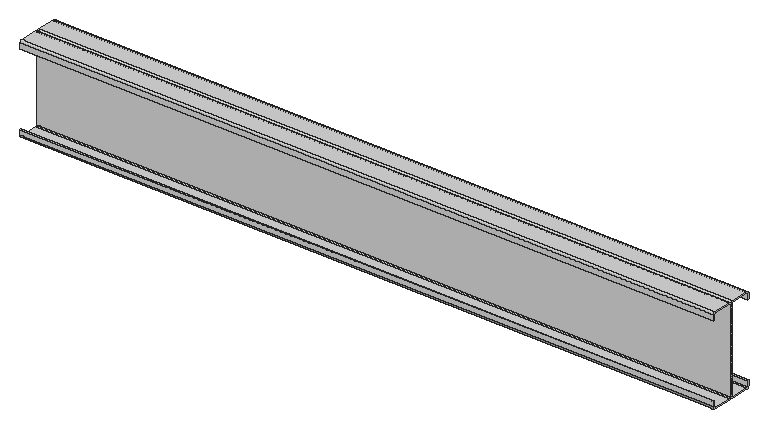
Revit family "051200 - Structural Steel Framing - Light Gauge - Joists - back to back", category Structural Framing, Revit 2020
Family settings
  Structural Framing Length Roundoff = 0' - 0"
  Section Shape = Not Defined
  Material for Model Behavior = Steel
  Always export as geometry = No
  OmniClass Number = 23.25.30.11.14.14
  OmniClass Title = Beams
  Always vertical = Yes
  Cut with Voids When Loaded = No
  Symbolic Representation = From Project Settings
  Shared = No
  Show family pre-cut in plan views = Yes
Parameters (values of type "6"x1.5"")
  t1 = if((t / 0.95 * 0' 1" / 1000) < 0' 0 1/32", 0' 0 1/32", (t / 0.95 * 0' 1" / 1000))  # 0' - 0.05684"
  t = 54
  d = 0' - 0 1/2"
  W = 0
  Structural Material [instance] = Metal - Light Gauge
  B = 0' - 1 1/2"
  Assembly Code = "B10"
  Length [instance] = 5' - 0"
  D = 0' - 6"
  A = 0.00 in²
Types (2): name | B | D
  7"x1.75" | 0' - 1 3/4" | 0' - 7"
  6"x1.5" | 0' - 1 1/2" | 0' - 6"
Reference planes (in)
  plane 1 "Center (Front/Back)": y = 0
  plane 2: z = 0
  plane 3 "Center (Left/Right)": x = 0.0003
  plane 4 "Member Left": x = -23.8185
  plane 5 "Member Right": x = 24.1815
  plane 6 "Top": z = 3
  plane 7: z = -3
  plane 8 "Left": x = -29.8185
  plane 9 "Right": x = 30.1815
  plane 10: y = -1.5
  plane 11: z = -2.5
  plane 12: z = 2.5
  plane 13: y = 1.5
Forms (in)
  Sweep 1, solid, material "Metal - Light Gauge" <- "Structural Material"
    path origin (0, 0.00061, 0) x (1, 0, 0) y (0, 1, 0)
      loop
        line (24.1815, -0.00061) -> (-23.8185, -0.00061)
    profile origin (0.1815, 0, 0) x (0, -1, 0) y (0, 0, 1)
      loop
        line (0, 2.88132) -> (0, -2.88132)
        arc (0, -2.88132) -> (0.03476, -2.96524) -> (0.11868, -3) r 0.11868
        line (0.11868, -3) -> (1.38132, -3)
        arc (1.38132, -3) -> (1.46524, -2.96524) -> (1.5, -2.88132) r 0.11868
        line (1.5, -2.88132) -> (1.5, -2.5) -> (1.44316, -2.5) -> (1.44316, -2.88132)
        arc (1.44316, -2.88132) -> (1.42505, -2.92505) -> (1.38132, -2.94316) r 0.06184
        line (1.38132, -2.94316) -> (0.11868, -2.94316)
        arc (0.11868, -2.94316) -> (0.07495, -2.92505) -> (0.05684, -2.88132) r 0.06184
        line (0.05684, -2.88132) -> (0.05684, 2.88132)
        arc (0.05684, 2.88132) -> (0.07495, 2.92505) -> (0.11868, 2.94316) r 0.06184
        line (0.11868, 2.94316) -> (1.38132, 2.94316)
        arc (1.38132, 2.94316) -> (1.42505, 2.92505) -> (1.44316, 2.88132) r 0.06184
        line (1.44316, 2.88132) -> (1.44316, 2.5) -> (1.5, 2.5) -> (1.5, 2.88132)
        arc (1.5, 2.88132) -> (1.46524, 2.96524) -> (1.38132, 3) r 0.11868
        line (1.38132, 3) -> (0.11868, 3)
        arc (0.11868, 3) -> (0.03476, 2.96524) -> (0, 2.88132) r 0.11868
  Sweep 2, solid, material "Metal - Light Gauge" <- "Structural Material"
    path origin (0, -0.00061, 0) x (1, 0, 0) y (0, -1, 0)
      loop
        line (24.1815, -0.00061) -> (-23.8185, -0.00061)
    profile origin (0.1815, 0, 0) x (0, -1, 0) y (0, 0, 1)
      loop
        arc (0, 2.88132) -> (-0.03476, 2.96524) -> (-0.11868, 3) r 0.11868
        line (-0.11868, 3) -> (-1.38132, 3)
        arc (-1.38132, 3) -> (-1.46524, 2.96524) -> (-1.5, 2.88132) r 0.11868
        line (-1.5, 2.88132) -> (-1.5, 2.5) -> (-1.44316, 2.5) -> (-1.44316, 2.88132)
        arc (-1.44316, 2.88132) -> (-1.42505, 2.92505) -> (-1.38132, 2.94316) r 0.06184
        line (-1.38132, 2.94316) -> (-0.11868, 2.94316)
        arc (-0.11868, 2.94316) -> (-0.07495, 2.92505) -> (-0.05684, 2.88132) r 0.06184
        line (-0.05684, 2.88132) -> (-0.05684, -2.88132)
        arc (-0.05684, -2.88132) -> (-0.07495, -2.92505) -> (-0.11868, -2.94316) r 0.06184
        line (-0.11868, -2.94316) -> (-1.38132, -2.94316)
        arc (-1.38132, -2.94316) -> (-1.42505, -2.92505) -> (-1.44316, -2.88132) r 0.06184
        line (-1.44316, -2.88132) -> (-1.44316, -2.5) -> (-1.5, -2.5) -> (-1.5, -2.88132)
        arc (-1.5, -2.88132) -> (-1.46524, -2.96524) -> (-1.38132, -3) r 0.11868
        line (-1.38132, -3) -> (-0.11868, -3)
        arc (-0.11868, -3) -> (-0.03476, -2.96524) -> (0, -2.88132) r 0.11868
        line (0, -2.88132) -> (0, 2.88132)
Lines and regions (in)
  symbolic lines, style "Hidden Faces", detail levels medium+fine
    curve 1: line (-23.8185, -0.05684, 0) -> (24.1815, -0.05684, 0)
    curve 2: line (-23.8185, 0.1875, 2.96875) -> (24.1815, 0.1875, 2.96875)
    curve 3: line (-23.8185, 0.1875, -2.96875) -> (24.1815, 0.1875, -2.96875)
    curve 4: line (-23.8185, -1.44316, 0) -> (24.1815, -1.44316, 0)
    curve 5: line (24.1815, 0, 2.5) -> (-23.8185, 0, 2.5)
    curve 6: line (24.1815, 0, -2.5) -> (-23.8185, 0, -2.5)
Dimensions and locks (in)
  "D": plane 7 to plane 6 "Top"
  equal spacing: plane 7, plane 2, plane 6 "Top"
  "Length": plane 8 "Left" to plane 9 "Right"
  "B": plane 1 "Center (Front/Back)" to plane 10
  "d": plane 7 to plane 11
  "d": plane 12 to plane 6 "Top"
  "t1": Sweep 1 sketch curve to Sweep 1 sketch curve  (x5)
  "t1": curve 1 to plane 1 "Center (Front/Back)"
  "t1": plane 10 to curve 4
  "t1": Sweep 2 sketch curve to Sweep 2 sketch curve  (x5)
  "B": plane 13 to plane 1 "Center (Front/Back)"
  aligned and locked: Sweep 1 to plane 1 "Center (Front/Back)"
  aligned and locked: Sweep 1 to plane 6 "Top"
  aligned and locked: Sweep 1 sketch curve to plane 10
  aligned and locked: Sweep 1 sketch curve to plane 12
  aligned and locked: plane 11 to Sweep 1 sketch curve
  aligned and locked: Sweep 1 sketch curve to plane 1 "Center (Front/Back)"
  aligned and locked: Sweep 1 sketch curve to plane 6 "Top"
  aligned and locked: plane 10 to Sweep 1 sketch curve
  aligned and locked: plane 7 to Sweep 1 sketch curve
  aligned and locked: Sweep 1 to curve 6
  aligned and locked: plane 11 to Sweep 1
  aligned and locked: plane 12 to Sweep 1
  aligned and locked: curve 5 to Sweep 1
  aligned and locked: plane 4 "Member Left" to Sweep 1 sketch curve
  aligned and locked: plane 5 "Member Right" to Sweep 1 sketch curve
  aligned and locked: plane 4 "Member Left" to curve 1
  aligned and locked: plane 4 "Member Left" to curve 4
  aligned and locked: plane 5 "Member Right" to curve 1
  aligned and locked: plane 5 "Member Right" to curve 4
  aligned and locked: plane 4 "Member Left" to curve 2
  aligned and locked: plane 4 "Member Left" to curve 5
  aligned and locked: plane 4 "Member Left" to curve 3
  aligned and locked: plane 5 "Member Right" to curve 2
  aligned and locked: plane 5 "Member Right" to curve 5
  aligned and locked: plane 5 "Member Right" to curve 6
  aligned and locked: plane 5 "Member Right" to curve 3
  aligned and locked: plane 13 to Sweep 2 sketch curve
  aligned and locked: Sweep 2 sketch curve to plane 11
  aligned and locked: Sweep 2 sketch curve to plane 7
  aligned and locked: plane 6 "Top" to Sweep 2 sketch curve
  aligned and locked: plane 12 to Sweep 2 sketch curve
  aligned and locked: Sweep 2 sketch curve to plane 13
Automatic sketch dimensions
  curve 6 to plane 11 = 0' - 0"
  curve 3 to plane 7 = 0' - 0 1/32"
  plane 6 "Top" to curve 2 = 0' - 0 1/32"
  plane 1 "Center (Front/Back)" to Sweep 1 sketch curve = 0' - 0"
  Sweep 1 sketch curve to Sweep 1 sketch curve = 0' - 0"  (x8)
  Sweep 1 sketch curve to Sweep 1 sketch curve = 0' - 0.06184"  (x3)
  Sweep 1 sketch curve to profile plane = 0' - 0.11868"
  plane 1 "Center (Front/Back)" to Sweep 2 sketch curve = 0' - 0"
  Sweep 2 sketch curve to plane 4 "Member Left" = 0' - 0"
  Sweep 2 sketch curve to plane 5 "Member Right" = 0' - 0"
  Sweep 2 sketch curve to Sweep 2 sketch curve = 0' - 0"  (x4)
  Sweep 2 sketch curve to profile plane = 0' - 0"
  Sweep 2 sketch curve to Sweep 2 sketch curve = 0' - 0.06184"  (x4)
